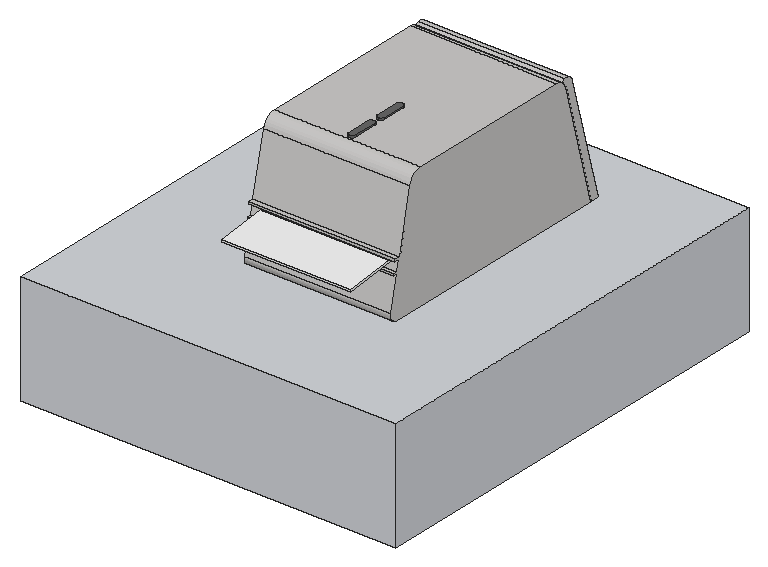
Revit family
Parameters (values of type "as Specified")
  Warranty Duration (Years) = 0
  Unit Width = 0' - 5 1/8"
  Unit Height = 0' - 9 1/16"
  Unit Depth = 0' - 4 11/32"
  URL = "http://www.bobrick.com/Pages/default.aspx"
  Test Data = ""
  Standards Conformance = "ADA with proper mounting height"
  Specification = ""
  SpecWizard = ""
  Send Message = "http://www.arcat.com/users.pl?action=UserEmail&company=Bobrick+Washroom+Equipment,+Inc.&coid=30988&rep=156&fax=818-503-1930&mf="
  Sales Information = "http://www.bobrick.com/Pages/ContactUs.aspx"
  Revision = "R1_2014-10"
  Region Restriction = "None"
  Product Properties = ""
  Product Data = "http://arcat.com/arcatcos/cos30/arc30988.html"
  Paper Material [instance] = Paper - Bobrick - Tissue
  Mounting Height [instance] = 2' - 4"
  Model = "B-2721"
  Manufacturer Website = "http://www.bobrick.com/Pages/default.aspx"
  Manufacturer Phone - Toll Free = ""
  Manufacturer Phone = "818-764-1000"
  Manufacturer Fax = "818-503-1930"
  Manufacturer Address = "11611 Hart St. North Hollywood, CA 91605-5882"
  Manufacturer = "Bobrick Washroom Equipment, Inc."
  Maintenance Schedule (Months) = 0
  Keynote = "102813"
  Installation-Fabrication = "http://www.bobrick.com/washroomaccessories/Pages/WashroomAccessories.aspx"
  Installation Phase = ""
  Green Building-LEED = ""
  Finish Material = Stainless Steel - Bobrick - Satin
  Expected Lifespan (Years) = 0
  Drawn By = "Sumex Design, Inc. / Robert S. Weygant, CSI, CDT, SCIP"
  Description = "Bobrick Surface Mounted Toilet Tissue Cabinet  - ClassicSeries B-2721"
  Default Elevation = 0' - 0"
  Copyright = "©Arcat Inc."
  Construction Details = ""
  Capacity = "Roughly 1300 Single Fold Toilet Tissues"
  Building Codes = ""
  Assembly Code = "E1090900"
  Accent Finish [instance] = Paint - Bobrick - Black
Reference planes (in)
  plane 1 "ADA Mount Line": y = -16.8942
  plane 2: z = 0
  plane 3 "Center (Left/Right)": x = 0
  plane 4: x = -2.5625
  plane 5: x = 2.5625
  plane 6 "FF": y = -44.8942
  plane 7: y = -25.9567
Forms (in)
  Extrusion 1, solid
    sketch origin (0, 0, 0) x (1, 0, 0) y (0, 1, 0)
      loop
        line (-7, -14.76027) -> (-7, -30.21037) -> (6.13433, -30.21037) -> (6.13433, -14.76027) -> (-7, -14.76027)
    from 0 to -3.89711
  Extrusion 2, solid, material "Stainless Steel - Bobrick - Satin" <- "Finish Material"
    sketch origin (0, 0, 0) x (0, 1, 0) y (0, 0, 1)
      loop
        line (-25.70012, 0) -> (-17.2067, 0) -> (-18.29613, 4.06581)
        arc (-18.29613, 4.06581) -> (-18.43006, 4.26626) -> (-18.65835, 4.34375) r 0.375
        line (-18.65835, 4.34375) -> (-24.61386, 4.34375)
        arc (-24.61386, 4.34375) -> (-24.92512, 4.23505) -> (-25.10105, 3.95623) r 0.5
        line (-25.10105, 3.95623) -> (-25.94371, 0.30624)
        arc (-25.94371, 0.30624) -> (-25.89577, 0.09437) -> (-25.70012, 0) r 0.25
    from -2.5625 to 2.5625
  Extrusion 3, solid, material "Stainless Steel - Bobrick - Satin" <- "Finish Material"
    sketch origin (0, 0, 0) x (0, 1, 0) y (0, 0, 1)
      loop
        line (-17.2067, 0) -> (-16.8942, 0) -> (-18.00625, 4.15023)
        arc (-18.00625, 4.15023) -> (-18.12273, 4.30203) -> (-18.31243, 4.327) r 0.25
        line (-18.31243, 4.327) -> (-18.46052, 4.28732)
        arc (-18.46052, 4.28732) -> (-18.35721, 4.19223) -> (-18.29613, 4.06581) r 0.375
        line (-18.29613, 4.06581) -> (-17.2067, 0)
    from -2.5625 to 2.5625
  Extrusion 4, solid, material "Stainless Steel - Bobrick - Satin" <- "Finish Material"
    sketch origin (0, 0, 0) x (0, 1, 0) y (0, 0, 1)
      loop
        line (-25.76027, 1.94444) -> (-25.76027, 1.87832) -> (-25.58077, 1.87832) -> (-25.5655, 1.94444) -> (-25.76027, 1.94444)
      loop
        line (-25.66747, 1.50278) -> (-25.81812, 1.50278) -> (-25.81812, 1.4444) -> (-25.68095, 1.4444) -> (-25.66747, 1.50278)
    from -2.5625 to 2.5625
  Extrusion 5, solid, material "Paper - Bobrick - Tissue" <- "Paper Material"
    sketch origin (0, 0, 0) x (0, 1, 0) y (0, 0, 1)
      loop
        arc (-25.61226, 1.74191) -> (-26.47138, 1.68997) -> (-27.32056, 1.54966) r 8.32872
        line (-27.32056, 1.54966) -> (-27.32056, 1.48567)
        arc (-27.32056, 1.48567) -> (-26.47146, 1.62707) -> (-25.61226, 1.6794) r 8.26622
        line (-25.61226, 1.6794) -> (-25.61226, 1.74191)
    from -2.25 to 2.25
  Extrusion 6, solid, material "Paint - Bobrick - Black" <- "Accent Finish"
    sketch origin (0, 0.8125, 0) x (1, 0, 0) y (0, 1, 0)
      loop
        arc (-0.13112, -25.23056) -> (-0.00612, -25.35556) -> (0.11888, -25.23056) r 0.125
        line (0.11888, -25.23056) -> (0.11888, -24.41806)
        arc (0.11888, -24.41806) -> (-0.00612, -24.29306) -> (-0.13112, -24.41806) r 0.125
        line (-0.13112, -24.41806) -> (-0.13112, -25.23056)
      loop
        arc (-0.13112, -23.98056) -> (-0.00612, -24.10556) -> (0.11888, -23.98056) r 0.125
        line (0.11888, -23.98056) -> (0.11888, -23.16806)
        arc (0.11888, -23.16806) -> (-0.00612, -23.04306) -> (-0.13112, -23.16806) r 0.125
        line (-0.13112, -23.16806) -> (-0.13112, -23.98056)
    from 4.34375 to 4.38965
  Extrusion 7, solid, material "Stainless Steel - Bobrick - Satin" <- "Finish Material"
    sketch origin (0, -16.8942, 0) x (0, -0.258819, 0.965926) y (1, 0, 0)
      loop
        circle (2.25, 0) r 0.5
    from 0 to 0.25
Cuts and joins
  joined: Extrusion 2, Extrusion 4
Dimensions and locks (in)
  equal spacing: plane 4, plane 3 "Center (Left/Right)", plane 5
  "Unit Width": plane 4 to plane 5
  "Mounting Height": plane 1 "ADA Mount Line" to plane 6 "FF"
  "Unit Height": plane 7 to plane 1 "ADA Mount Line"
  aligned and locked: plane 2 to Extrusion 1
  aligned and locked: level to Extrusion 1
  aligned and locked: Extrusion 3 to plane 4
  aligned and locked: plane 5 to Extrusion 3
Automatic sketch dimensions
  Extrusion 1 sketch curve to Extrusion 1 sketch curve = 1' - 1.13433"
  Extrusion 1 sketch curve to Extrusion 1 sketch curve = 1' - 3.4501"
  Extrusion 2 sketch curve to level = 0' - 0"
  plane 7 to Extrusion 2 sketch curve = 0' - 0.01298"
  Extrusion 2 sketch curve to Extrusion 2 sketch curve = 0' - 0.24359"
  plane 7 to Extrusion 2 sketch curve = 0' - 0.85565"
  Extrusion 2 sketch curve to Extrusion 2 sketch curve = 0' - 0.48719"
  plane 1 "ADA Mount Line" to Extrusion 2 sketch curve = 0' - 1.76415"
  Extrusion 2 sketch curve to Extrusion 2 sketch curve = 0' - 0.36222"
  plane 1 "ADA Mount Line" to Extrusion 2 sketch curve = 0' - 0 5/16"
  Extrusion 2 sketch curve to Extrusion 2 sketch curve = 0' - 0 1/4"
  Extrusion 2 sketch curve to Extrusion 2 sketch curve = 0' - 3 19/32"
  Extrusion 2 sketch curve to Extrusion 2 sketch curve = 0' - 0.11248"
  Extrusion 2 sketch curve to Extrusion 2 sketch curve = 0' - 0 3/8"
  Extrusion 3 sketch curve to plane 1 "ADA Mount Line" = 0' - 0"
  plane 1 "ADA Mount Line" to Extrusion 3 sketch curve = 0' - 1.11205"
  Extrusion 3 sketch curve to Extrusion 3 sketch curve = 0' - 0.24148"
  Extrusion 3 sketch curve to Extrusion 3 sketch curve = 0' - 0.0647"  (x2)
  level to Extrusion 3 sketch curve = 0' - 4.08552"
  Extrusion 3 sketch curve to Extrusion 3 sketch curve = 0' - 0.03968"
  Extrusion 3 sketch curve to Extrusion 3 sketch curve = 0' - 0.0484"
  plane 1 "ADA Mount Line" to Extrusion 3 sketch curve = 0' - 0 5/16"
  Extrusion 3 sketch curve to Extrusion 3 sketch curve = 0' - 0.31857"
  Extrusion 3 sketch curve to Extrusion 3 sketch curve = 0' - 0.01971"
  Extrusion 3 sketch curve to Extrusion 3 sketch curve = 0' - 0.14809"
  Extrusion 3 sketch curve to level = 0' - 0"
  plane 7 to Extrusion 4 sketch curve = 0' - 0.13857"
  plane 7 to Extrusion 4 sketch curve = 0' - 0.19643"
  Extrusion 4 sketch curve to Extrusion 4 sketch curve = 0' - 0.13718"
  Extrusion 4 sketch curve to Extrusion 4 sketch curve = 0' - 0.01348"
  Extrusion 4 sketch curve to Extrusion 4 sketch curve = 0' - 0.1795"
  Extrusion 4 sketch curve to Extrusion 4 sketch curve = 0' - 0.01527"
  level to Extrusion 4 sketch curve = 0' - 1.4444"
  Extrusion 4 sketch curve to Extrusion 4 sketch curve = 0' - 0.05837"
  Extrusion 4 sketch curve to Extrusion 4 sketch curve = 0' - 0.37554"
  Extrusion 4 sketch curve to Extrusion 4 sketch curve = 0' - 0.06612"
  Extrusion 6 sketch curve to plane 3 "Center (Left/Right)" = 0' - 0.13112"  (x2)
  Extrusion 6 sketch curve to plane 3 "Center (Left/Right)" = 0' - 0.00612"  (x2)
  plane 7 to Extrusion 6 sketch curve = 0' - 1.53863"
  Extrusion 6 sketch curve to Extrusion 6 sketch curve = 0' - 0 13/16"  (x2)
  Extrusion 6 sketch curve to Extrusion 6 sketch curve = 0' - 0 7/16"
  Extrusion 5 sketch curve to Extrusion 5 sketch curve = 0' - 0"  (x2)
  Extrusion 5 sketch curve to plane 7 = 0' - 1.36386"
  plane 7 to Extrusion 5 sketch curve = 0' - 0.34443"
  plane 7 to Extrusion 5 sketch curve = 0' - 0.41674"
  Extrusion 5 sketch curve to level = 0' - 6.5865"
  level to Extrusion 5 sketch curve = 0' - 1.48567"
  Extrusion 5 sketch curve to Extrusion 5 sketch curve = 0' - 0.06399"
  Extrusion 7 sketch curve to Extrusion 3 = 0' - 2.04663"
  Extrusion 3 to Extrusion 7 sketch curve = 0' - 2 9/16"
  radius of Extrusion 7 sketch curve = 0' - 0 1/2"
